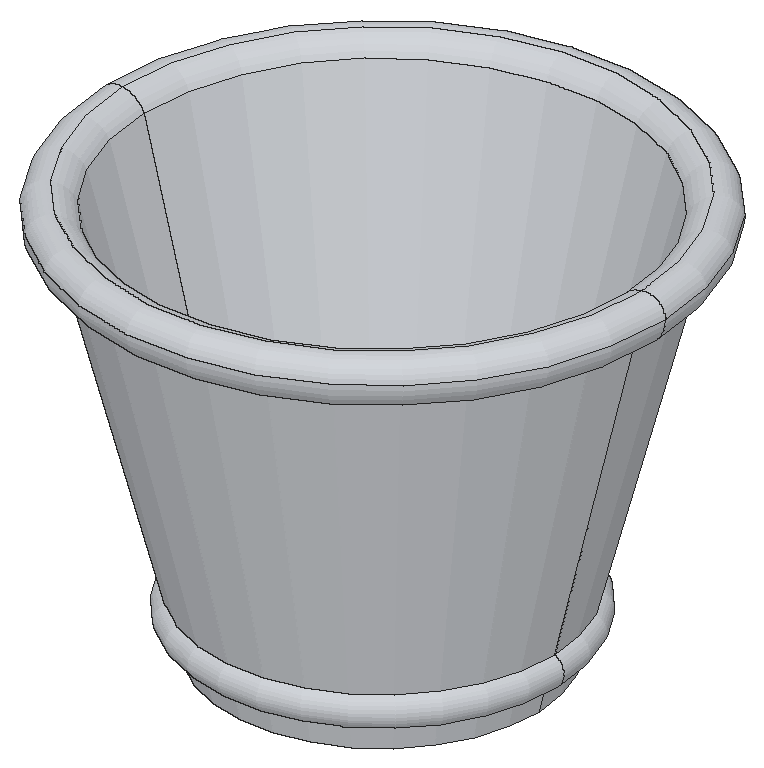
Revit family
Parameters (values of type "SBSP-106.1")
  Width = 2' - 9"
  URL = "www.strombergarchitectural.com"
  Top Material = GFRC
  Submittal Sheet = "www.strombergarchitectural.com/images/materials/gfrc/submittal/gfrc-submittal-sheet.pdf"
  Specifications = "www.strombergarchitectural.com/gfrcspecifications"
  Model Cut-sheet = "www.strombergarchitectural.com/products/bollards/design/SBSP-106"
  Model = "SBSP-106"
  Manufacturer = "Stromberg Architectural Products"
  Guidebook = "www.strombergarchitectural.com/images/materials/gfrc/handbooks/gfrc_guidebook.pdf   \r\n(http://www.strombergarchitectural.com/images/materials/gfrc/handbooks/gfrc_guidebook.pdf"
  Frame Material = none
  Description = "GFRC Bollard"
  Assembly Code = ""
  Height = 2' - 0"
  XXX.5 = no
  XXX.4 = no
  XXX.3 = no
  XXX.2 = no
  XXX.1 = yes
Types (6): name | Width | Guidebook | Height | XXX.5 | XXX.4 | XXX.3 | XXX.2 | XXX.1
  (no name) | 2' - 9" | "www.strombergarchitectural.com/images/materials/gfrc/handbooks/gfrc_guidebook.pdf   \r\n(http://www.strombergarchitectural.com/images/materials/gfrc/handbooks/gfrc_guidebook.pdf" | 2' - 0" | no | no | no | no | yes
  SBSP-106.3 | 4' - 2" | "www.strombergarchitectural.com/images/materials/gfrc/handbooks/gfrc_guidebook.pdf" | 3' - 0" | no | no | yes | no | no
  SBSP-106.1 | 2' - 9" | "www.strombergarchitectural.com/images/materials/gfrc/handbooks/gfrc_guidebook.pdf   \r\n(http://www.strombergarchitectural.com/images/materials/gfrc/handbooks/gfrc_guidebook.pdf" | 2' - 0" | no | no | no | no | yes
  SBSP-106.2 | 3' - 6" | "www.strombergarchitectural.com/images/materials/gfrc/handbooks/gfrc_guidebook.pdf" | 2' - 6" | no | no | no | yes | no
  SBSP-106.4 | 4' - 10" | "www.strombergarchitectural.com/images/materials/gfrc/handbooks/gfrc_guidebook.pdf" | 3' - 6" | no | yes | no | no | no
  SBSP-106.5 | 5' - 7" | "www.strombergarchitectural.com/images/materials/gfrc/handbooks/gfrc_guidebook.pdf" | 4' - 0" | yes | no | no | no | no
Reference planes (in)
  plane 1 "Center (Front/Back)": y = 3.74847
  plane 2: z = 0
  plane 3 "Center (Left/Right)": x = 0.7278
Forms (in)
  Revolve 1, solid, visible <- "XXX.1"
    sketch origin (0, 3.74847, 0) x (1, 0, 0) y (0, 0, 1)
      loop
        arc (-14.3251, 23.99999) -> (-15.2542, 23.79538) -> (-15.73591, 22.97498) r 1.18911
        arc (-15.73591, 22.97498) -> (-15.23404, 21.76337) -> (-14.02243, 21.2615) r 1.71348
        line (-14.02243, 21.2615) -> (-9.27392, 3.26714)
        arc (-9.27392, 3.26714) -> (-9.78139, 2.15632) -> (-8.7919, 1.44053) r 0.96334
        line (-8.7919, 1.44053) -> (-8.41176, 0) -> (0.7278, 0) -> (0.7278, 1.33253) -> (-7.38525, 1.33253) -> (-13.11275, 23.03674)
        arc (-13.11275, 23.03674) -> (-13.60193, 23.66562) -> (-14.3251, 23.99999) r 1.68759
      axis (0.7278, 23.99999) -> (0.7278, 0)
    angle from 0 to 360
  Revolve 2, solid, visible <- "XXX.2"
    sketch origin (0, 3.74847, 0) x (1, 0, 0) y (0, 0, 1)
      loop
        arc (-17.25847, 28.91382) -> (-17.82915, 29.6584) -> (-18.70288, 30) r 1.74545
        arc (-18.70288, 30) -> (-19.9296, 29.71862) -> (-20.49939, 28.59641) r 1.48451
        arc (-20.49939, 28.59641) -> (-19.90483, 27.16102) -> (-18.46944, 26.56646) r 2.02995
        line (-18.46944, 26.56646) -> (-18.35972, 26.56646) -> (-12.41744, 4.08392)
        arc (-12.41744, 4.08392) -> (-13.0457, 2.69652) -> (-11.81397, 1.80072) r 1.2057
        line (-11.81397, 1.80072) -> (-11.33803, 0) -> (0.7278, 0) -> (0.7278, 1.66566) -> (-10.0566, 1.66566) -> (-17.25847, 28.91382)
      axis (0.7278, 30) -> (0.7278, 0)
    angle from 0 to 360
  Revolve 3, solid, visible <- "XXX.3"
    sketch origin (0, 3.74847, 0) x (1, 0, 0) y (0, 0, 1)
      loop
        arc (-20.81776, 34.57602) -> (-21.51919, 35.58535) -> (-22.66823, 36.02177) r 2.07796
        arc (-22.66823, 36.02177) -> (-23.08821, 36.01661) -> (-23.5027, 35.94876) r 2.80264
        arc (-23.5027, 35.94876) -> (-24.41193, 35.36286) -> (-24.76046, 34.33891) r 1.64428
        arc (-24.76046, 34.33891) -> (-24.02378, 32.56041) -> (-22.24529, 31.82373) r 2.51517
        line (-22.24529, 31.82373) -> (-15.03898, 4.92943)
        arc (-15.03898, 4.92943) -> (-15.82632, 3.26068) -> (-14.3442, 2.16161) r 1.45505
        line (-14.3442, 2.16161) -> (-13.762, 0) -> (0.7278, 0) -> (0.7278, 2) -> (-12.22131, 2) -> (-20.81776, 34.57602)
      axis (0.7278, 36.02177) -> (0.7278, 0)
    angle from 0 to 360
  Revolve 4, solid, visible <- "XXX.4"
    sketch origin (0, 3.74847, 0) x (1, 0, 0) y (0, 0, 1)
      loop
        arc (-24.3658, 40.21765) -> (-25.26363, 41.53449) -> (-26.7902, 41.99249) r 2.38651
        arc (-26.7902, 41.99249) -> (-27.48432, 41.88376) -> (-28.13981, 41.63087) r 3.30758
        arc (-28.13981, 41.63087) -> (-28.91646, 40.76537) -> (-28.91842, 39.6025) r 1.62963
        arc (-28.91842, 39.6025) -> (-27.86992, 37.90556) -> (-25.99206, 37.23278) r 3.01928
        line (-25.99206, 37.23278) -> (-17.67552, 5.71749)
        arc (-17.67552, 5.71749) -> (-18.56359, 3.77355) -> (-16.83199, 2.52093) r 1.68584
        line (-16.83199, 2.52093) -> (-16.16674, 0) -> (0.7278, 0) -> (0.7278, 2.33192) -> (-14.37036, 2.33192) -> (-24.3658, 40.21765)
      axis (0.7278, 41.99249) -> (0.7278, 0)
    angle from 0 to 360
  Revolve 5, solid, visible <- "XXX.5"
    sketch origin (0, 3.74847, 0) x (1, 0, 0) y (0, 0, 1)
      loop
        arc (-27.93799, 45.92282) -> (-28.79421, 47.31501) -> (-30.27817, 48) r 2.82495
        arc (-30.27817, 48) -> (-31.86339, 47.76256) -> (-33.06423, 46.70083) r 2.82495
        arc (-33.06423, 46.70083) -> (-32.4385, 43.82263) -> (-29.7994, 42.51467) r 3.39781
        line (-29.7994, 42.51467) -> (-20.30458, 6.53427)
        arc (-20.30458, 6.53427) -> (-21.30999, 4.31515) -> (-19.34054, 2.88106) r 1.92913
        line (-19.34054, 2.88106) -> (-18.58026, 0) -> (0.7278, 0) -> (0.7278, 2.52093) -> (0.7278, 2.66506) -> (-16.52725, 2.66506) -> (-27.93799, 45.92282)
      axis (0.7278, 48) -> (0.7278, 0)
    angle from 0 to 360
